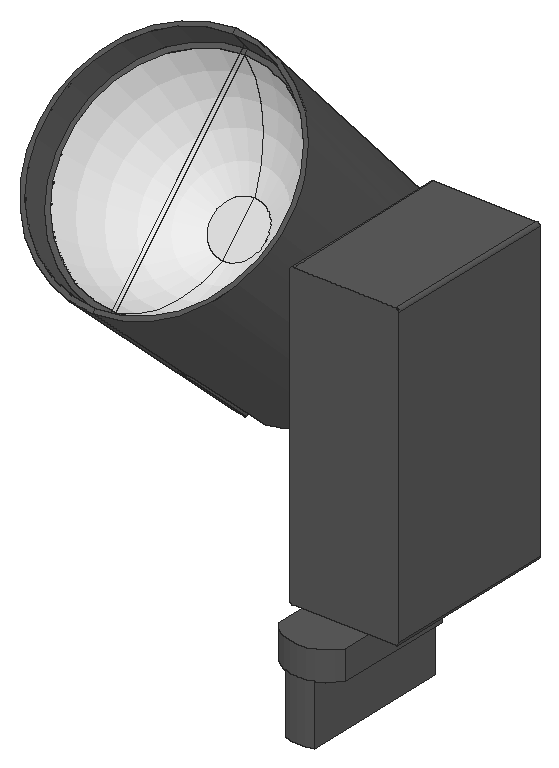
Revit family "0004842 Feilo Sylvania Lighting Fixture START TRACK SPOT L 35W 3K RA80 MB BLACK", category Lighting Fixtures, host Face, Revit 2017
Family settings
  Host = Face
  Round Connector Dimension = Use Diameter
  Part Type = Normal
  OmniClass Number = 23.80.70.00
  OmniClass Title = Lighting
  Cut with Voids When Loaded = No
  Light Source = No
  Shared = No
  Room Calculation Point = No
Parameters (values of type "0004842 START TRACK SPOT L 35W 3K RA80 MB BLACK")
  Weight = "1.368 kg"
  Wattage Comments = ""
  WarrantyStartDate [instance] = "n/a"
  WarrantyGuarantorParts = "n/a"
  WarrantyDurationUnit = "n/a"
  WarrantyDurationParts = "n/a"
  WarrantyDescription = "n/a"
  Voltage = 230 V
  URL = "http://www.sylvania-lighting.com"
  TypeName = "START TRACK SPOT L 35W 3K RA80 MB BLACK"
  TypeHead_FEILO = Start Track Spot Head : 0004842 START TRACK SPOT L 35W 3K RA80 MB BLACK
  TypeBox_FEILO = Start Track Spot Box : Type Large Black
  Type Image = <None>
  Type Comments = "n/a"
  VerticalRotation_FEILO [instance] = 0.00°
  SlideEndAngle_FEILO [instance] = VerticalRotation_FEILO + 180.00°  # 180.00°
  SerialNumber [instance] = "n/a"
  Material_3_FEILO = none
  PowerFactor = 0.93
  PowerConsumption = "35 W"
  NominalLength = 0 mm
  NominalHeight = 240 mm
  NominalDepth = 164 mm
  Name = "START TRACK SPOT L 35W 3K RA80 MB BLACK"
  ModelReference = Name  # "START TRACK SPOT L 35W 3K RA80 MB BLACK"
  ModelNumber = "0004842"
  Model = Name  # "START TRACK SPOT L 35W 3K RA80 MB BLACK"
  Material = "adc12 aluminium housing, polycarbonate diffuser"
  ManufacturerName = "Feilo Sylvania"
  Manufacturer = "Feilo Sylvania"
  LuminousEfficacy = "115 lm/W"
  LuminaireType = ""
  LightOutputRatio = "100"
  LampsType = Lamp  # "LED"
  LampNominalLuminous = "4008 lm"
  LampMacAdamStep = "3"
  LampColourTemperature = "3000 K"
  LampColourRenderingIndex = "80"
  Lamp = "LED"
  Keynote = "16500"
  InstallationDate [instance] = "n/a"
  InputVoltage = "230-240V~"
  InputNominalFrequency = "50/60 Hz"
  IngressProtection = "IP20"
  ImpactProtectionIndex = "IK02"
  IfcExportType = "IfcLightFixtureType"
  IfcExportAs = "IfcLightFixtureType"
  HorizontalRotation_FEILO [instance] = 45.00°
  ExpectedLife = 50000
  ElectricShockClassification = "Class II"
  DurationUnit = "hours"
  DocumentationLiterature = "http://www.sylvania-lighting.com/product/en-int/products/0004842"
  DimmingControlOptions = "Non dimmable"
  Material_2_FEILO = none
  Description = "Integrated LED spotlight, Textured Black - RAL9005, compact and minimalist design, ideal for retail applications, die-cast aluminium body, passive cooling heatsink. Beam angle: 38°, color temperature: 3000K , total system power: 35W, total fixture output: 4008 lm, LOR: 100%, colour rendering: Ra: 80 typical, LED Chromaticity: 3 step MacAdam ellipse, lifetime: >50000 hours at L70B50, energy class: A++, A+, A, IR/UV free light source without heat radiation, operating voltage: 220-240V / 50-60Hz, drive current: 900mA, electronic driver, non-dimmable, power factor: 0.93, electrical protection: Class II, Global Track 3 Phase adapter suitable for Global trac 3-circuit tracks, ingress protection rating: IP20, suitable for internal environment only, horizontal rotation: 355°, vertical tilt: 90°, dimensions: Ø113x164x240, weight: 1.368kg."
  Default Elevation = 1219.2 mm
  CreatedOn = "12/12/2017"
  CreatedBy = ""
  Cost = 0
  built-in parameter 1114216 [instance] = (empty or 0)
  ClassificationValue = "EF_70_80"
  ClassificationName = "Uniclass2015"
  Material_1_FEILO = Body-Sylvania-StartTrackSpot-Black
  BarCode [instance] = "n/a"
  AssetType = "Fixed"
  AssetIdentifier [instance] = "n/a"
  Assembly Code = "D5020200"
  Apparent Load = 35 VA
  Material_4_FEILO = none
Reference planes
  plane 1 "Center (Front/Back)": y = 0
  plane 2: z = 0
  plane 3 "Center (Left/Right)": x = 0
  plane 4: x = 15
  plane 5: x = -15
  plane 6: y = 35
  plane 7: y = -35
  plane 8: z = 13
  plane 9: z = -27
  plane 10: x = 6.5
  plane 11: x = -6.5
  plane 12: y = 27
  plane 13: y = -27
  plane 14: y = 20
Forms (mm)
  Extrusion 1, solid, material "Body-Sylvania-StartTrackSpot-Black" <- "Material_1_FEILO"
    sketch origin (0, 0, 0) x (1, 0, 0) y (0, 1, 0)
      loop
        line (-15, 27) -> (-15, -27)
        arc (-15, -27) -> (0, -35) -> (15, -27) r 18.062
        line (15, -27) -> (15, 27)
        arc (15, 27) -> (0, 35) -> (-15, 27) r 18.062
    from 0 to 13
  Extrusion 2, solid, material "Body-Sylvania-StartTrackSpot-Black" <- "Material_1_FEILO"
    sketch origin (0, 0, 0) x (1, 0, 0) y (0, 1, 0)
      loop
        arc (6.5, 33.79) -> (0, 35) -> (-6.5, 33.79) r 18.062
        line (-6.5, 33.79) -> (-6.5, -33.79)
        arc (-6.5, -33.79) -> (0, -35) -> (6.5, -33.79) r 18.062
        line (6.5, -33.79) -> (6.5, 33.79)
    from 0 to -27
  Revolve 3, solid, not visible
    sketch origin (1524, 20, 1219.2) x (1, 0, 0) y (0, 0, 1)
      loop
        line (-1524, -1206.2) -> (-1524, -1191.285) -> (-1530.5, -1191.285) -> (-1530.5, -1206.2) -> (-1524, -1206.2)
      axis (-1524, -1191.285) -> (-1524, -1206.2)
    angle from 0 <- "VerticalRotation_FEILO" to 180 <- "SlideEndAngle_FEILO"
Cuts and joins
  joined: Extrusion 1, Extrusion 2
Dimensions and locks
  equal spacing: plane 10, plane 3 "Center (Left/Right)", plane 11
  equal spacing: plane 4, plane 3 "Center (Left/Right)", plane 5
  locked: plane 8 to plane 2 at 13
  locked: plane 8 to plane 9 at 40
  equal spacing: plane 13, plane 1 "Center (Front/Back)", plane 12
  locked: plane 12 to plane 6 at 8
  locked: plane 14 to plane 6 at 15
  locked: Revolve 3 sketch curve to plane 8 at 14.915
  aligned and locked: plane 2 to host face
  aligned and locked: level to host face
  aligned and locked: plane 5 to Extrusion 1 sketch curve  (x2)
  aligned and locked: plane 12 to Extrusion 1 sketch curve
  aligned and locked: plane 13 to Extrusion 1 sketch curve
  aligned and locked: plane 4 to Extrusion 1 sketch curve
  aligned and locked: Extrusion 1 to plane 8
  aligned and locked: Extrusion 1 to level
  aligned and locked: Extrusion 2 sketch curve to Extrusion 1  (x2)
  aligned and locked: Extrusion 2 sketch curve to plane 11
  aligned and locked: plane 10 to Extrusion 2 sketch curve
  aligned and locked: plane 9 to Extrusion 2
  aligned and locked: level to Extrusion 2
  aligned and locked: Revolve 3 sketch curve to plane 3 "Center (Left/Right)"  (x2)
  aligned and locked: plane 11 to Revolve 3 sketch curve
  aligned and locked: Revolve 3 sketch curve to plane 8
Automatic sketch dimensions
  host sketch curve to host sketch curve = 2438.4 mm  (x2)
  Extrusion 1 sketch curve to plane 3 "Center (Left/Right)" = 0 mm  (x2)
  Extrusion 1 sketch curve to plane 13 = 10.062 mm
  plane 12 to Extrusion 1 sketch curve = 10.062 mm
  Revolve 3 sketch curve to plane 3 "Center (Left/Right)" = 0 mm
  plane 9 to Revolve 3 sketch curve = 582.6 mm
  Revolve 3 sketch curve to Revolve 3 sketch curve = 2581.144 mm
Nested families
  nested 1: "Start Track Spot Head" at (-75.5, 20, 133) x (0, 0.7071, 0.7071) z (0, 0.7071, -0.7071), type <- "TypeHead_FEILO", type "0004842 START TRACK SPOT L 35W 3K RA80 MB BLACK"
    with built-in parameter 1114216 (empty or 0)
  nested 2: "Start Track Spot Box" at (8.5, 20, 85) x (-1, 0, 0) z (0, -1, 0), BoxStartAngle_FEILO <- "HorizontalRotation_FEILO", type <- "TypeBox_FEILO", type "Type Large Black"
    with BoxStartAngle_FEILO 45.00°, BoxEndAngle_FEILO -135.00°
Connectors
  electrical at (0, 0, 0), driven by "Apparent Load", driven by "PowerFactor", driven by "Voltage"
    settings: index 1, voltage 230 V, apparent load 35 VA, apparent load phase1 0 VA, apparent load phase2 0 VA, apparent load phase3 0 VA, power factor 0.93, load classification "Lighting", number of poles 1, system type 30, power factor state 1, is connector primary yes, connector utility no, sub classification motor no, connector description ""
Definition of nested family "Start Track Spot Head"
  Parameters (values of type "0004811 START TRACK SPOT S 14W 3K RA80 NB WHITE")
    Wattage Comments = "n/a"
    Wattage = 14 W
    built-in parameter 1150110 = 1 (stored number, unit not read)
    URL = "http://www.feilosylvania.com"
    Type Image = (empty or 0)
    Type Comments = "n/a"
    built-in parameter 1114217 = 1 (stored number, unit not read)
    Tilt Angle = -90.00°
    built-in parameter 1150109 = 1 (stored number, unit not read)
    built-in parameter 1150134 = (empty or 0)
    built-in parameter 1150113 = 1 (stored number, unit not read)
    Photometric Web File = "0004811.ies"
    Material_3_FEILO = none
    Model = "START TRACK SPOT S 14W 3K RA80 NB WHITE"
    Manufacturer = "Feilo Sylvania"
    built-in parameter 1150105 = 123.66 (stored number, unit not read)
    Lumens = 1554 lm
    built-in parameter 1150115 = 1 (stored number, unit not read)
    built-in parameter 1150137 = (empty or 0)
    built-in parameter 1150139 = (empty or 0)
    built-in parameter 1150112 = 1 (stored number, unit not read)
    built-in parameter 1150114 = 1 (stored number, unit not read)
    Lamp = "LED"
    Keynote = "16500"
    Material_2_FEILO = none
    built-in parameter 1150132 = (empty or 0)
    built-in parameter 1150102 = (empty or 0)
    built-in parameter 1150107 = 3000 (stored number, unit not read)
    built-in parameter 1150138 = (empty or 0)
    built-in parameter 1150106 = 1.2366 (stored number, unit not read)
    HeadThickness_FEILO = if(HeadDiaOut_FEILO > 112 mm, 2 mm, 1.5 mm)  # 1.5 mm
    HeadRibOffset_FEILO = HeadHeight_FEILO / 28  # 4.179 mm
    HeadRibDepth_FEILO = HeadHeight_FEILO / 2.1  # 55.714 mm
    HeadRibCutWidth_FEILO = HeadDiaOut_FEILO / 12  # 7.167 mm
    HeadRibCutOffset_FEILO = HeadHeight_FEILO / 2.3  # 50.87 mm
    HeadReflectorRadius_FEILO = HeadDiaOut_FEILO / 1.7  # 50.588 mm
    HeadReflectorOffset_FEILO = HeadHeight_FEILO / 2.1  # 55.714 mm
    HeadLEDRadius_FEILO = HeadDiaOut_FEILO / 9  # 9.556 mm
    HeadHeight_FEILO = 117 mm
    HeadDraft_FEILO = 1 mm
    HeadDiffusorThickness_FEILO = 3 mm
    HeadDiffusorOffset_FEILO = HeadHeight_FEILO / 12.4  # 9.435 mm
    HeadDiaOut_FEILO = 86 mm
    HeadDiaIn_FEILO = HeadDiaOut_FEILO / 1.11  # 77.477 mm
    HeadAxisFromTop_FEILO = HeadHeight_FEILO / 1.687  # 69.354 mm
    Emit from Circle Diameter = HeadDiaIn_FEILO  # 77.477 mm
    Emit Shape Visible in Rendering = no
    built-in parameter 1150104 = 10.312 (stored number, unit not read)
    Dimming Lamp Color Temperature Shift = (empty or 0)
    Description = "Integrated LED spotlight, Textured White - RAL9016, compact and minimalist design, ideal for retail applications, die-cast aluminium body, passive cooling heatsink. Beam angle: 12°, color temperature: 3000K , total system power: 14W, total fixture output: 1551 lm, LOR: 100%, colour rendering: Ra: 80 typical, LED Chromaticity: 3 step MacAdam ellipse, lifetime: >50000 hours at L70B50, energy class: A++, A+, A, IR/UV free light source without heat radiation, operating voltage: 220-240V / 50-60Hz, drive current: 350mA, electronic driver, non-dimmable, power factor: 0.92, electrical protection: Class II, Global Track 3 Phase adapter suitable for Global trac 3-circuit tracks, ingress protection rating: IP20, suitable for internal environment only, horizontal rotation: 355°, vertical tilt: 90°, dimensions: Ø86x140x200, weight: 0.940kg."
    Default Elevation = 1219.2 mm
    Cost = 0
    Color Filter = 16777215
    built-in parameter 1114216 [instance] = (empty or 0)
    Material_1_FEILO = none
    built-in parameter 1114218 = 1 (stored number, unit not read)
    built-in parameter 1150133 = 10 (stored number, unit not read)
    Assembly Code = "D5020200"
    Apparent Load = 14 VA
    Material_4_FEILO = none
  Types (96, lengths in mm): name | Wattage | built-in parameter 1150134 | Photometric Web File | Model | built-in parameter 1150105 | Lumens | built-in parameter 1150107 | built-in parameter 1150106 | HeadThickness_FEILO | HeadRibOffset_FEILO | HeadRibDepth_FEILO | HeadRibCutWidth_FEILO | HeadRibCutOffset_FEILO | HeadReflectorRadius_FEILO | HeadReflectorOffset_FEILO | HeadLEDRadius_FEILO | HeadHeight_FEILO | HeadDiffusorOffset_FEILO | HeadDiaOut_FEILO | HeadDiaIn_FEILO | HeadAxisFromTop_FEILO | Emit from Circle Diameter | built-in parameter 1150104 | Description | Apparent Load
    0004906 START TRACK SPOT L 55W 4K RA90 WB BLACK | 55 W | 12 | "0004906.ies" | "START TRACK SPOT L 55W 4K RA90 WB BLACK" | 385.15 (stored number, unit not read) | 4840 lm | 4000 (stored number, unit not read) | 3.8515 (stored number, unit not read) | 2 | 4.429 | 59.048 | 9.417 | 53.913 | 66.471 | 59.048 | 12.556 | 124 | 10 | 113 | 101.802 | 73.503 | 101.802 | 8.1755 (stored number, unit not read) | "Integrated LED spotlight, Textured Black - RAL9005, compact and minimalist design, ideal for retail applications, die-cast aluminium body, passive cooling heatsink. Beam angle: 52°, color temperature: 4000K , total system power: 55W, total fixture output: 4824 lm, LOR: 100%, colour rendering: Ra: 90 typical, LED Chromaticity: 3 step MacAdam ellipse, lifetime: >50000 hours at L70B50, energy class: A++, A+, A, IR/UV free light source without heat radiation, operating voltage: 220-240V / 50-60Hz, drive current: 1400mA, electronic driver, non-dimmable, power factor: 0.96, electrical protection: Class II, Global Track 3 Phase adapter suitable for Global trac 3-circuit tracks, ingress protection rating: IP20, suitable for internal environment only, horizontal rotation: 355°, vertical tilt: 90°, dimensions: Ø113x164x240, weight: 1.398kg." | 55 VA
    0004905 START TRACK SPOT L 55W 4K RA90 MB BLACK | 55 W | 12 | "0004905.ies" | "START TRACK SPOT L 55W 4K RA90 MB BLACK" | 389.53 (stored number, unit not read) | 4895 lm | 4000 (stored number, unit not read) | 3.8953 (stored number, unit not read) | 2 | 4.429 | 59.048 | 9.417 | 53.913 | 66.471 | 59.048 | 12.556 | 124 | 10 | 113 | 101.802 | 73.503 | 101.802 | 8.2684 (stored number, unit not read) | "Integrated LED spotlight, Textured Black - RAL9005, compact and minimalist design, ideal for retail applications, die-cast aluminium body, passive cooling heatsink. Beam angle: 38°, color temperature: 4000K , total system power: 55W, total fixture output: 4897 lm, LOR: 100%, colour rendering: Ra: 90 typical, LED Chromaticity: 3 step MacAdam ellipse, lifetime: >50000 hours at L70B50, energy class: A++, A+, A, IR/UV free light source without heat radiation, operating voltage: 220-240V / 50-60Hz, drive current: 1400mA, electronic driver, non-dimmable, power factor: 0.96, electrical protection: Class II, Global Track 3 Phase adapter suitable for Global trac 3-circuit tracks, ingress protection rating: IP20, suitable for internal environment only, horizontal rotation: 355°, vertical tilt: 90°, dimensions: Ø113x164x240, weight: 1.398kg." | 55 VA
    0004904 START TRACK SPOT L 55W 4K RA90 NB BLACK | 55 W | 12 | "0004904.ies" | "START TRACK SPOT L 55W 4K RA90 NB BLACK" | 393.91 (stored number, unit not read) | 4950 lm | 4000 (stored number, unit not read) | 3.9391 (stored number, unit not read) | 2 | 4.429 | 59.048 | 9.417 | 53.913 | 66.471 | 59.048 | 12.556 | 124 | 10 | 113 | 101.802 | 73.503 | 101.802 | 8.3613 (stored number, unit not read) | "Integrated LED spotlight, Textured Black - RAL9005, compact and minimalist design, ideal for retail applications, die-cast aluminium body, passive cooling heatsink. Beam angle: 15°, color temperature: 4000K , total system power: 55W, total fixture output: 4965 lm, LOR: 100%, colour rendering: Ra: 90 typical, LED Chromaticity: 3 step MacAdam ellipse, lifetime: >50000 hours at L70B50, energy class: A++, A+, A, IR/UV free light source without heat radiation, operating voltage: 220-240V / 50-60Hz, drive current: 1400mA, electronic driver, non-dimmable, power factor: 0.96, electrical protection: Class II, Global Track 3 Phase adapter suitable for Global trac 3-circuit tracks, ingress protection rating: IP20, suitable for internal environment only, horizontal rotation: 355°, vertical tilt: 90°, dimensions: Ø113x164x240, weight: 1.398kg." | 55 VA
    0004903 START TRACK SPOT L 35W 4K RA90 WB BLACK | 35 W | 12 | "0004903.ies" | "START TRACK SPOT L 35W 4K RA90 WB BLACK" | 284.09 (stored number, unit not read) | 3570 lm | 4000 (stored number, unit not read) | 2.8409 (stored number, unit not read) | 2 | 4.429 | 59.048 | 9.417 | 53.913 | 66.471 | 59.048 | 12.556 | 124 | 10 | 113 | 101.802 | 73.503 | 101.802 | 9.4761 (stored number, unit not read) | "Integrated LED spotlight, Textured Black - RAL9005, compact and minimalist design, ideal for retail applications, die-cast aluminium body, passive cooling heatsink. Beam angle: 52°, color temperature: 4000K , total system power: 35W, total fixture output: 3562 lm, LOR: 100%, colour rendering: Ra: 90 typical, LED Chromaticity: 3 step MacAdam ellipse, lifetime: >50000 hours at L70B50, energy class: A++, A+, A, IR/UV free light source without heat radiation, operating voltage: 220-240V / 50-60Hz, drive current: 900mA, electronic driver, non-dimmable, power factor: 0.93, electrical protection: Class II, Global Track 3 Phase adapter suitable for Global trac 3-circuit tracks, ingress protection rating: IP20, suitable for internal environment only, horizontal rotation: 355°, vertical tilt: 90°, dimensions: Ø113x164x240, weight: 1.368kg." | 35 VA
    0004902 START TRACK SPOT L 35W 4K RA90 MB BLACK | 35 W | 12 | "0004902.ies" | "START TRACK SPOT L 35W 4K RA90 MB BLACK" | 286.88 (stored number, unit not read) | 3605 lm | 4000 (stored number, unit not read) | 2.8688 (stored number, unit not read) | 2 | 4.429 | 59.048 | 9.417 | 53.913 | 66.471 | 59.048 | 12.556 | 124 | 10 | 113 | 101.802 | 73.503 | 101.802 | 9.569 (stored number, unit not read) | "Integrated LED spotlight, Textured Black - RAL9005, compact and minimalist design, ideal for retail applications, die-cast aluminium body, passive cooling heatsink. Beam angle: 38°, color temperature: 4000K , total system power: 35W, total fixture output: 3616 lm, LOR: 100%, colour rendering: Ra: 90 typical, LED Chromaticity: 3 step MacAdam ellipse, lifetime: >50000 hours at L70B50, energy class: A++, A+, A, IR/UV free light source without heat radiation, operating voltage: 220-240V / 50-60Hz, drive current: 900mA, electronic driver, non-dimmable, power factor: 0.93, electrical protection: Class II, Global Track 3 Phase adapter suitable for Global trac 3-circuit tracks, ingress protection rating: IP20, suitable for internal environment only, horizontal rotation: 355°, vertical tilt: 90°, dimensions: Ø113x164x240, weight: 1.368kg." | 35 VA
    0004901 START TRACK SPOT L 35W 4K RA90 NB BLACK | 35 W | 12 | "0004901.ies" | "START TRACK SPOT L 35W 4K RA90 NB BLACK" | 286.88 (stored number, unit not read) | 3605 lm | 4000 (stored number, unit not read) | 2.8688 (stored number, unit not read) | 2 | 4.429 | 59.048 | 9.417 | 53.913 | 66.471 | 59.048 | 12.556 | 124 | 10 | 113 | 101.802 | 73.503 | 101.802 | 9.569 (stored number, unit not read) | "Integrated LED spotlight, Textured Black - RAL9005, compact and minimalist design, ideal for retail applications, die-cast aluminium body, passive cooling heatsink. Beam angle: 15°, color temperature: 4000K , total system power: 35W, total fixture output: 3593 lm, LOR: 100%, colour rendering: Ra: 90 typical, LED Chromaticity: 3 step MacAdam ellipse, lifetime: >50000 hours at L70B50, energy class: A++, A+, A, IR/UV free light source without heat radiation, operating voltage: 220-240V / 50-60Hz, drive current: 900mA, electronic driver, non-dimmable, power factor: 0.93, electrical protection: Class II, Global Track 3 Phase adapter suitable for Global trac 3-circuit tracks, ingress protection rating: IP20, suitable for internal environment only, horizontal rotation: 355°, vertical tilt: 90°, dimensions: Ø113x164x240, weight: 1.368kg." | 35 VA
    0004900 START TRACK SPOT S 24W 4K RA90 WB BLACK | 24 W | 12 | "0004900.ies" | "START TRACK SPOT S 24W 4K RA90 WB BLACK" | 166.16 (stored number, unit not read) | 2088 lm | 4000 (stored number, unit not read) | 1.6616 (stored number, unit not read) | 1.5 | 4.179 | 55.714 | 7.167 | 50.87 | 50.588 | 55.714 | 9.556 | 117 | 9.435 | 86 | 77.477 | 69.354 | 77.477 | 8.0826 (stored number, unit not read) | "Integrated LED spotlight, Textured Black - RAL9005, compact and minimalist design, ideal for retail applications, die-cast aluminium body, passive cooling heatsink. Beam angle: 64°, color temperature: 4000K , total system power: 24W, total fixture output: 2087 lm, LOR: 100%, colour rendering: Ra: 90 typical, LED Chromaticity: 3 step MacAdam ellipse, lifetime: >50000 hours at L70B50, energy class: A++, A+, A, IR/UV free light source without heat radiation, operating voltage: 220-240V / 50-60Hz, drive current: 600mA, electronic driver, non-dimmable, power factor: 0.95, electrical protection: Class II, Global Track 3 Phase adapter suitable for Global trac 3-circuit tracks, ingress protection rating: IP20, suitable for internal environment only, horizontal rotation: 355°, vertical tilt: 90°, dimensions: Ø86x140x200, weight: 0.966kg." | 24 VA
    0004899 START TRACK SPOT S 24W 4K RA90 MB BLACK | 24 W | 12 | "0004899.ies" | "START TRACK SPOT S 24W 4K RA90 MB BLACK" | 169.98 (stored number, unit not read) | 2136 lm | 4000 (stored number, unit not read) | 1.6998 (stored number, unit not read) | 1.5 | 4.179 | 55.714 | 7.167 | 50.87 | 50.588 | 55.714 | 9.556 | 117 | 9.435 | 86 | 77.477 | 69.354 | 77.477 | 8.2684 (stored number, unit not read) | "Integrated LED spotlight, Textured Black - RAL9005, compact and minimalist design, ideal for retail applications, die-cast aluminium body, passive cooling heatsink. Beam angle: 36°, color temperature: 4000K , total system power: 24W, total fixture output: 2141 lm, LOR: 100%, colour rendering: Ra: 90 typical, LED Chromaticity: 3 step MacAdam ellipse, lifetime: >50000 hours at L70B50, energy class: A++, A+, A, IR/UV free light source without heat radiation, operating voltage: 220-240V / 50-60Hz, drive current: 600mA, electronic driver, non-dimmable, power factor: 0.95, electrical protection: Class II, Global Track 3 Phase adapter suitable for Global trac 3-circuit tracks, ingress protection rating: IP20, suitable for internal environment only, horizontal rotation: 355°, vertical tilt: 90°, dimensions: Ø86x140x200, weight: 0.966kg." | 24 VA
    0004898 START TRACK SPOT S 24W 4K RA90 NB BLACK | 24 W | 12 | "0004898.ies" | "START TRACK SPOT S 24W 4K RA90 NB BLACK" | 171.89 (stored number, unit not read) | 2160 lm | 4000 (stored number, unit not read) | 1.7189 (stored number, unit not read) | 1.5 | 4.179 | 55.714 | 7.167 | 50.87 | 50.588 | 55.714 | 9.556 | 117 | 9.435 | 86 | 77.477 | 69.354 | 77.477 | 8.3613 (stored number, unit not read) | "Integrated LED spotlight, Textured Black - RAL9005, compact and minimalist design, ideal for retail applications, die-cast aluminium body, passive cooling heatsink. Beam angle: 12°, color temperature: 4000K , total system power: 24W, total fixture output: 2155 lm, LOR: 100%, colour rendering: Ra: 90 typical, LED Chromaticity: 3 step MacAdam ellipse, lifetime: >50000 hours at L70B50, energy class: A++, A+, A, IR/UV free light source without heat radiation, operating voltage: 220-240V / 50-60Hz, drive current: 600mA, electronic driver, non-dimmable, power factor: 0.95, electrical protection: Class II, Global Track 3 Phase adapter suitable for Global trac 3-circuit tracks, ingress protection rating: IP20, suitable for internal environment only, horizontal rotation: 355°, vertical tilt: 90°, dimensions: Ø86x140x200, weight: 0.966kg." | 24 VA
    0004897 START TRACK SPOT S 14W 4K RA90 WB BLACK | 14 W | 12 | "0004897.ies" | "START TRACK SPOT S 14W 4K RA90 WB BLACK" | 108.07 (stored number, unit not read) | 1358 lm | 4000 (stored number, unit not read) | 1.0807 (stored number, unit not read) | 1.5 | 4.179 | 55.714 | 7.167 | 50.87 | 50.588 | 55.714 | 9.556 | 117 | 9.435 | 86 | 77.477 | 69.354 | 77.477 | 9.0116 (stored number, unit not read) | "Integrated LED spotlight, Textured Black - RAL9005, compact and minimalist design, ideal for retail applications, die-cast aluminium body, passive cooling heatsink. Beam angle: 64°, color temperature: 4000K , total system power: 14W, total fixture output: 1352 lm, LOR: 100%, colour rendering: Ra: 90 typical, LED Chromaticity: 3 step MacAdam ellipse, lifetime: >50000 hours at L70B50, energy class: A++, A+, A, IR/UV free light source without heat radiation, operating voltage: 220-240V / 50-60Hz, drive current: 350mA, electronic driver, non-dimmable, power factor: 0.92, electrical protection: Class II, Global Track 3 Phase adapter suitable for Global trac 3-circuit tracks, ingress protection rating: IP20, suitable for internal environment only, horizontal rotation: 355°, vertical tilt: 90°, dimensions: Ø86x140x200, weight: 0.940kg." | 14 VA
    0004896 START TRACK SPOT S 14W 4K RA90 MB BLACK | 14 W | 12 | "0004896.ies" | "START TRACK SPOT S 14W 4K RA90 MB BLACK" | 108.07 (stored number, unit not read) | 1358 lm | 4000 (stored number, unit not read) | 1.0807 (stored number, unit not read) | 1.5 | 4.179 | 55.714 | 7.167 | 50.87 | 50.588 | 55.714 | 9.556 | 117 | 9.435 | 86 | 77.477 | 69.354 | 77.477 | 9.0116 (stored number, unit not read) | "Integrated LED spotlight, Textured Black - RAL9005, compact and minimalist design, ideal for retail applications, die-cast aluminium body, passive cooling heatsink. Beam angle: 36°, color temperature: 4000K , total system power: 14W, total fixture output: 1359 lm, LOR: 100%, colour rendering: Ra: 90 typical, LED Chromaticity: 3 step MacAdam ellipse, lifetime: >50000 hours at L70B50, energy class: A++, A+, A, IR/UV free light source without heat radiation, operating voltage: 220-240V / 50-60Hz, drive current: 350mA, electronic driver, non-dimmable, power factor: 0.92, electrical protection: Class II, Global Track 3 Phase adapter suitable for Global trac 3-circuit tracks, ingress protection rating: IP20, suitable for internal environment only, horizontal rotation: 355°, vertical tilt: 90°, dimensions: Ø86x140x200, weight: 0.940kg." | 14 VA
    0004895 START TRACK SPOT S 14W 4K RA90 NB BLACK | 14 W | 12 | "0004895.ies" | "START TRACK SPOT S 14W 4K RA90 NB BLACK" | 106.95 (stored number, unit not read) | 1344 lm | 4000 (stored number, unit not read) | 1.0695 (stored number, unit not read) | 1.5 | 4.179 | 55.714 | 7.167 | 50.87 | 50.588 | 55.714 | 9.556 | 117 | 9.435 | 86 | 77.477 | 69.354 | 77.477 | 8.9187 (stored number, unit not read) | "Integrated LED spotlight, Textured Black - RAL9005, compact and minimalist design, ideal for retail applications, die-cast aluminium body, passive cooling heatsink. Beam angle: 12°, color temperature: 4000K , total system power: 14W, total fixture output: 1349 lm, LOR: 100%, colour rendering: Ra: 90 typical, LED Chromaticity: 3 step MacAdam ellipse, lifetime: >50000 hours at L70B50, energy class: A++, A+, A, IR/UV free light source without heat radiation, operating voltage: 220-240V / 50-60Hz, drive current: 350mA, electronic driver, non-dimmable, power factor: 0.92, electrical protection: Class II, Global Track 3 Phase adapter suitable for Global trac 3-circuit tracks, ingress protection rating: IP20, suitable for internal environment only, horizontal rotation: 355°, vertical tilt: 90°, dimensions: Ø86x140x200, weight: 0.940kg." | 14 VA
    0004894 START TRACK SPOT L 55W 3K RA90 WB BLACK | 55 W | (empty or 0) | "0004894.ies" | "START TRACK SPOT L 55W 3K RA90 WB BLACK" | 350.14 (stored number, unit not read) | 4400 lm | 3000 (stored number, unit not read) | 3.5014 (stored number, unit not read) | 2 | 4.429 | 59.048 | 9.417 | 53.913 | 66.471 | 59.048 | 12.556 | 124 | 10 | 113 | 101.802 | 73.503 | 101.802 | 7.4322 (stored number, unit not read) | "Integrated LED spotlight, Textured Black - RAL9005, compact and minimalist design, ideal for retail applications, die-cast aluminium body, passive cooling heatsink. Beam angle: 52°, color temperature: 3000K , total system power: 55W, total fixture output: 4405 lm, LOR: 100%, colour rendering: Ra: 90 typical, LED Chromaticity: 3 step MacAdam ellipse, lifetime: >50000 hours at L70B50, energy class: A++, A+, A, IR/UV free light source without heat radiation, operating voltage: 220-240V / 50-60Hz, drive current: 1400mA, electronic driver, non-dimmable, power factor: 0.96, electrical protection: Class II, Global Track 3 Phase adapter suitable for Global trac 3-circuit tracks, ingress protection rating: IP20, suitable for internal environment only, horizontal rotation: 355°, vertical tilt: 90°, dimensions: Ø113x164x240, weight: 1.398kg." | 55 VA
    0004893 START TRACK SPOT L 55W 3K RA90 MB BLACK | 55 W | (empty or 0) | "0004893.ies" | "START TRACK SPOT L 55W 3K RA90 MB BLACK" | 354.52 (stored number, unit not read) | 4455 lm | 3000 (stored number, unit not read) | 3.5452 (stored number, unit not read) | 2 | 4.429 | 59.048 | 9.417 | 53.913 | 66.471 | 59.048 | 12.556 | 124 | 10 | 113 | 101.802 | 73.503 | 101.802 | 7.5251 (stored number, unit not read) | "Integrated LED spotlight, Textured Black - RAL9005, compact and minimalist design, ideal for retail applications, die-cast aluminium body, passive cooling heatsink. Beam angle: 38°, color temperature: 3000K , total system power: 55W, total fixture output: 4448 lm, LOR: 100%, colour rendering: Ra: 90 typical, LED Chromaticity: 3 step MacAdam ellipse, lifetime: >50000 hours at L70B50, energy class: A++, A+, A, IR/UV free light source without heat radiation, operating voltage: 220-240V / 50-60Hz, drive current: 1400mA, electronic driver, non-dimmable, power factor: 0.96, electrical protection: Class II, Global Track 3 Phase adapter suitable for Global trac 3-circuit tracks, ingress protection rating: IP20, suitable for internal environment only, horizontal rotation: 355°, vertical tilt: 90°, dimensions: Ø113x164x240, weight: 1.398kg." | 55 VA
    0004892 START TRACK SPOT L 55W 3K RA90 NB BLACK | 55 W | (empty or 0) | "0004892.ies" | "START TRACK SPOT L 55W 3K RA90 NB BLACK" | 350.14 (stored number, unit not read) | 4400 lm | 3000 (stored number, unit not read) | 3.5014 (stored number, unit not read) | 2 | 4.429 | 59.048 | 9.417 | 53.913 | 66.471 | 59.048 | 12.556 | 124 | 10 | 113 | 101.802 | 73.503 | 101.802 | 7.4322 (stored number, unit not read) | "Integrated LED spotlight, Textured Black - RAL9005, compact and minimalist design, ideal for retail applications, die-cast aluminium body, passive cooling heatsink. Beam angle: 15°, color temperature: 3000K , total system power: 55W, total fixture output: 4416 lm, LOR: 100%, colour rendering: Ra: 90 typical, LED Chromaticity: 3 step MacAdam ellipse, lifetime: >50000 hours at L70B50, energy class: A++, A+, A, IR/UV free light source without heat radiation, operating voltage: 220-240V / 50-60Hz, drive current: 1400mA, electronic driver, non-dimmable, power factor: 0.96, electrical protection: Class II, Global Track 3 Phase adapter suitable for Global trac 3-circuit tracks, ingress protection rating: IP20, suitable for internal environment only, horizontal rotation: 355°, vertical tilt: 90°, dimensions: Ø113x164x240, weight: 1.398kg." | 55 VA
    0004891 START TRACK SPOT L 35W 3K RA90 WB BLACK | 35 W | (empty or 0) | "0004891.ies" | "START TRACK SPOT L 35W 3K RA90 WB BLACK" | 259.02 (stored number, unit not read) | 3255 lm | 3000 (stored number, unit not read) | 2.5902 (stored number, unit not read) | 2 | 4.429 | 59.048 | 9.417 | 53.913 | 66.471 | 59.048 | 12.556 | 124 | 10 | 113 | 101.802 | 73.503 | 101.802 | 8.64 (stored number, unit not read) | "Integrated LED spotlight, Textured Black - RAL9005, compact and minimalist design, ideal for retail applications, die-cast aluminium body, passive cooling heatsink. Beam angle: 52°, color temperature: 3000K , total system power: 35W, total fixture output: 3260 lm, LOR: 100%, colour rendering: Ra: 90 typical, LED Chromaticity: 3 step MacAdam ellipse, lifetime: >50000 hours at L70B50, energy class: A++, A+, A, IR/UV free light source without heat radiation, operating voltage: 220-240V / 50-60Hz, drive current: 900mA, electronic driver, non-dimmable, power factor: 0.93, electrical protection: Class II, Global Track 3 Phase adapter suitable for Global trac 3-circuit tracks, ingress protection rating: IP20, suitable for internal environment only, horizontal rotation: 355°, vertical tilt: 90°, dimensions: Ø113x164x240, weight: 1.368kg." | 35 VA
    0004890 START TRACK SPOT L 35W 3K RA90 MB BLACK | 35 W | (empty or 0) | "0004890.ies" | "START TRACK SPOT L 35W 3K RA90 MB BLACK" | 261.81 (stored number, unit not read) | 3290 lm | 3000 (stored number, unit not read) | 2.6181 (stored number, unit not read) | 2 | 4.429 | 59.048 | 9.417 | 53.913 | 66.471 | 59.048 | 12.556 | 124 | 10 | 113 | 101.802 | 73.503 | 101.802 | 8.7329 (stored number, unit not read) | "Integrated LED spotlight, Textured Black - RAL9005, compact and minimalist design, ideal for retail applications, die-cast aluminium body, passive cooling heatsink. Beam angle: 38°, color temperature: 3000K , total system power: 35W, total fixture output: 3306 lm, LOR: 100%, colour rendering: Ra: 90 typical, LED Chromaticity: 3 step MacAdam ellipse, lifetime: >50000 hours at L70B50, energy class: A++, A+, A, IR/UV free light source without heat radiation, operating voltage: 220-240V / 50-60Hz, drive current: 900mA, electronic driver, non-dimmable, power factor: 0.93, electrical protection: Class II, Global Track 3 Phase adapter suitable for Global trac 3-circuit tracks, ingress protection rating: IP20, suitable for internal environment only, horizontal rotation: 355°, vertical tilt: 90°, dimensions: Ø113x164x240, weight: 1.368kg." | 35 VA
    0004889 START TRACK SPOT L 35W 3K RA90 NB BLACK | 35 W | (empty or 0) | "0004889.ies" | "START TRACK SPOT L 35W 3K RA90 NB BLACK" | 261.81 (stored number, unit not read) | 3290 lm | 3000 (stored number, unit not read) | 2.6181 (stored number, unit not read) | 2 | 4.429 | 59.048 | 9.417 | 53.913 | 66.471 | 59.048 | 12.556 | 124 | 10 | 113 | 101.802 | 73.503 | 101.802 | 8.7329 (stored number, unit not read) | "Integrated LED spotlight, Textured Black - RAL9005, compact and minimalist design, ideal for retail applications, die-cast aluminium body, passive cooling heatsink. Beam angle: 15°, color temperature: 3000K , total system power: 35W, total fixture output: 3287 lm, LOR: 100%, colour rendering: Ra: 90 typical, LED Chromaticity: 3 step MacAdam ellipse, lifetime: >50000 hours at L70B50, energy class: A++, A+, A, IR/UV free light source without heat radiation, operating voltage: 220-240V / 50-60Hz, drive current: 900mA, electronic driver, non-dimmable, power factor: 0.93, electrical protection: Class II, Global Track 3 Phase adapter suitable for Global trac 3-circuit tracks, ingress protection rating: IP20, suitable for internal environment only, horizontal rotation: 355°, vertical tilt: 90°, dimensions: Ø113x164x240, weight: 1.368kg." | 35 VA
    0004888 START TRACK SPOT S 24W 3K RA90 WB BLACK | 24 W | (empty or 0) | "0004888.ies" | "START TRACK SPOT S 24W 3K RA90 WB BLACK" | 152.79 (stored number, unit not read) | 1920 lm | 3000 (stored number, unit not read) | 1.5279 (stored number, unit not read) | 1.5 | 4.179 | 55.714 | 7.167 | 50.87 | 50.588 | 55.714 | 9.556 | 117 | 9.435 | 86 | 77.477 | 69.354 | 77.477 | 7.4322 (stored number, unit not read) | "Integrated LED spotlight, Textured Black - RAL9005, compact and minimalist design, ideal for retail applications, die-cast aluminium body, passive cooling heatsink. Beam angle: 64°, color temperature: 3000K , total system power: 24W, total fixture output: 1928 lm, LOR: 100%, colour rendering: Ra: 90 typical, LED Chromaticity: 3 step MacAdam ellipse, lifetime: >50000 hours at L70B50, energy class: A++, A+, A, IR/UV free light source without heat radiation, operating voltage: 220-240V / 50-60Hz, drive current: 600mA, electronic driver, non-dimmable, power factor: 0.95, electrical protection: Class II, Global Track 3 Phase adapter suitable for Global trac 3-circuit tracks, ingress protection rating: IP20, suitable for internal environment only, horizontal rotation: 355°, vertical tilt: 90°, dimensions: Ø86x140x200, weight: 0.966kg." | 24 VA
    0004887 START TRACK SPOT S 24W 3K RA90 MB BLACK | 24 W | (empty or 0) | "0004887.ies" | "START TRACK SPOT S 24W 3K RA90 MB BLACK" | 154.7 (stored number, unit not read) | 1944 lm | 3000 (stored number, unit not read) | 1.547 (stored number, unit not read) | 1.5 | 4.179 | 55.714 | 7.167 | 50.87 | 50.588 | 55.714 | 9.556 | 117 | 9.435 | 86 | 77.477 | 69.354 | 77.477 | 7.5251 (stored number, unit not read) | "Integrated LED spotlight, Textured Black - RAL9005, compact and minimalist design, ideal for retail applications, die-cast aluminium body, passive cooling heatsink. Beam angle: 36°, color temperature: 3000K , total system power: 24W, total fixture output: 1944 lm, LOR: 100%, colour rendering: Ra: 90 typical, LED Chromaticity: 3 step MacAdam ellipse, lifetime: >50000 hours at L70B50, energy class: A++, A+, A, IR/UV free light source without heat radiation, operating voltage: 220-240V / 50-60Hz, drive current: 600mA, electronic driver, non-dimmable, power factor: 0.95, electrical protection: Class II, Global Track 3 Phase adapter suitable for Global trac 3-circuit tracks, ingress protection rating: IP20, suitable for internal environment only, horizontal rotation: 355°, vertical tilt: 90°, dimensions: Ø86x140x200, weight: 0.966kg." | 24 VA
    0004886 START TRACK SPOT S 24W 3K RA90 NB BLACK | 24 W | (empty or 0) | "0004886.ies" | "START TRACK SPOT S 24W 3K RA90 NB BLACK" | 158.52 (stored number, unit not read) | 1992 lm | 3000 (stored number, unit not read) | 1.5852 (stored number, unit not read) | 1.5 | 4.179 | 55.714 | 7.167 | 50.87 | 50.588 | 55.714 | 9.556 | 117 | 9.435 | 86 | 77.477 | 69.354 | 77.477 | 7.711 (stored number, unit not read) | "Integrated LED spotlight, Textured Black - RAL9005, compact and minimalist design, ideal for retail applications, die-cast aluminium body, passive cooling heatsink. Beam angle: 12°, color temperature: 3000K , total system power: 24W, total fixture output: 1987 lm, LOR: 100%, colour rendering: Ra: 90 typical, LED Chromaticity: 3 step MacAdam ellipse, lifetime: >50000 hours at L70B50, energy class: A++, A+, A, IR/UV free light source without heat radiation, operating voltage: 220-240V / 50-60Hz, drive current: 600mA, electronic driver, non-dimmable, power factor: 0.95, electrical protection: Class II, Global Track 3 Phase adapter suitable for Global trac 3-circuit tracks, ingress protection rating: IP20, suitable for internal environment only, horizontal rotation: 355°, vertical tilt: 90°, dimensions: Ø86x140x200, weight: 0.966kg." | 24 VA
    0004885 START TRACK SPOT S 14W 3K RA90 WB BLACK | 14 W | (empty or 0) | "0004885.ies" | "START TRACK SPOT S 14W 3K RA90 WB BLACK" | 100.27 (stored number, unit not read) | 1260 lm | 3000 (stored number, unit not read) | 1.0027 (stored number, unit not read) | 1.5 | 4.179 | 55.714 | 7.167 | 50.87 | 50.588 | 55.714 | 9.556 | 117 | 9.435 | 86 | 77.477 | 69.354 | 77.477 | 8.3613 (stored number, unit not read) | "Integrated LED spotlight, Textured Black - RAL9005, compact and minimalist design, ideal for retail applications, die-cast aluminium body, passive cooling heatsink. Beam angle: 64°, color temperature: 3000K , total system power: 14W, total fixture output: 1262 lm, LOR: 100%, colour rendering: Ra: 90 typical, LED Chromaticity: 3 step MacAdam ellipse, lifetime: >50000 hours at L70B50, energy class: A++, A+, A, IR/UV free light source without heat radiation, operating voltage: 220-240V / 50-60Hz, drive current: 350mA, electronic driver, non-dimmable, power factor: 0.92, electrical protection: Class II, Global Track 3 Phase adapter suitable for Global trac 3-circuit tracks, ingress protection rating: IP20, suitable for internal environment only, horizontal rotation: 355°, vertical tilt: 90°, dimensions: Ø86x140x200, weight: 0.940kg." | 14 VA
    0004884 START TRACK SPOT S 14W 3K RA90 MB BLACK | 14 W | (empty or 0) | "0004884.ies" | "START TRACK SPOT S 14W 3K RA90 MB BLACK" | 100.27 (stored number, unit not read) | 1260 lm | 3000 (stored number, unit not read) | 1.0027 (stored number, unit not read) | 1.5 | 4.179 | 55.714 | 7.167 | 50.87 | 50.588 | 55.714 | 9.556 | 117 | 9.435 | 86 | 77.477 | 69.354 | 77.477 | 8.3613 (stored number, unit not read) | "Integrated LED spotlight, Textured Black - RAL9005, compact and minimalist design, ideal for retail applications, die-cast aluminium body, passive cooling heatsink. Beam angle: 36°, color temperature: 3000K , total system power: 14W, total fixture output: 1262 lm, LOR: 100%, colour rendering: Ra: 90 typical, LED Chromaticity: 3 step MacAdam ellipse, lifetime: >50000 hours at L70B50, energy class: A++, A+, A, IR/UV free light source without heat radiation, operating voltage: 220-240V / 50-60Hz, drive current: 350mA, electronic driver, non-dimmable, power factor: 0.92, electrical protection: Class II, Global Track 3 Phase adapter suitable for Global trac 3-circuit tracks, ingress protection rating: IP20, suitable for internal environment only, horizontal rotation: 355°, vertical tilt: 90°, dimensions: Ø86x140x200, weight: 0.940kg." | 14 VA
    0004883 START TRACK SPOT S 14W 3K RA90 NB BLACK | 14 W | (empty or 0) | "0004883.ies" | "START TRACK SPOT S 14W 3K RA90 NB BLACK" | 102.5 (stored number, unit not read) | 1288 lm | 3000 (stored number, unit not read) | 1.025 (stored number, unit not read) | 1.5 | 4.179 | 55.714 | 7.167 | 50.87 | 50.588 | 55.714 | 9.556 | 117 | 9.435 | 86 | 77.477 | 69.354 | 77.477 | 8.5471 (stored number, unit not read) | "Integrated LED spotlight, Textured Black - RAL9005, compact and minimalist design, ideal for retail applications, die-cast aluminium body, passive cooling heatsink. Beam angle: 12°, color temperature: 3000K , total system power: 14W, total fixture output: 1284 lm, LOR: 100%, colour rendering: Ra: 90 typical, LED Chromaticity: 3 step MacAdam ellipse, lifetime: >50000 hours at L70B50, energy class: A++, A+, A, IR/UV free light source without heat radiation, operating voltage: 220-240V / 50-60Hz, drive current: 350mA, electronic driver, non-dimmable, power factor: 0.92, electrical protection: Class II, Global Track 3 Phase adapter suitable for Global trac 3-circuit tracks, ingress protection rating: IP20, suitable for internal environment only, horizontal rotation: 355°, vertical tilt: 90°, dimensions: Ø86x140x200, weight: 0.940kg." | 14 VA
    0004882 START TRACK SPOT L 55W 4K RA90 WB WHITE | 55 W | 12 | "0004882.ies" | "START TRACK SPOT L 55W 4K RA90 WB WHITE" | 385.15 (stored number, unit not read) | 4840 lm | 4000 (stored number, unit not read) | 3.8515 (stored number, unit not read) | 2 | 4.429 | 59.048 | 9.417 | 53.913 | 66.471 | 59.048 | 12.556 | 124 | 10 | 113 | 101.802 | 73.503 | 101.802 | 8.1755 (stored number, unit not read) | "Integrated LED spotlight, Textured White - RAL9016, compact and minimalist design, ideal for retail applications, die-cast aluminium body, passive cooling heatsink. Beam angle: 52°, color temperature: 4000K , total system power: 55W, total fixture output: 4824 lm, LOR: 100%, colour rendering: Ra: 90 typical, LED Chromaticity: 3 step MacAdam ellipse, lifetime: >50000 hours at L70B50, energy class: A++, A+, A, IR/UV free light source without heat radiation, operating voltage: 220-240V / 50-60Hz, drive current: 1400mA, electronic driver, non-dimmable, power factor: 0.96, electrical protection: Class II, Global Track 3 Phase adapter suitable for Global trac 3-circuit tracks, ingress protection rating: IP20, suitable for internal environment only, horizontal rotation: 355°, vertical tilt: 90°, dimensions: Ø113x164x240, weight: 1.398kg." | 55 VA
    0004881 START TRACK SPOT L 55W 4K RA90 MB WHITE | 55 W | 12 | "0004881.ies" | "START TRACK SPOT L 55W 4K RA90 MB WHITE" | 389.53 (stored number, unit not read) | 4895 lm | 4000 (stored number, unit not read) | 3.8953 (stored number, unit not read) | 2 | 4.429 | 59.048 | 9.417 | 53.913 | 66.471 | 59.048 | 12.556 | 124 | 10 | 113 | 101.802 | 73.503 | 101.802 | 8.2684 (stored number, unit not read) | "Integrated LED spotlight, Textured White - RAL9016, compact and minimalist design, ideal for retail applications, die-cast aluminium body, passive cooling heatsink. Beam angle: 38°, color temperature: 4000K , total system power: 55W, total fixture output: 4897 lm, LOR: 100%, colour rendering: Ra: 90 typical, LED Chromaticity: 3 step MacAdam ellipse, lifetime: >50000 hours at L70B50, energy class: A++, A+, A, IR/UV free light source without heat radiation, operating voltage: 220-240V / 50-60Hz, drive current: 1400mA, electronic driver, non-dimmable, power factor: 0.96, electrical protection: Class II, Global Track 3 Phase adapter suitable for Global trac 3-circuit tracks, ingress protection rating: IP20, suitable for internal environment only, horizontal rotation: 355°, vertical tilt: 90°, dimensions: Ø113x164x240, weight: 1.398kg." | 55 VA
    0004880 START TRACK SPOT L 55W 4K RA90 NB WHITE | 55 W | 12 | "0004880.ies" | "START TRACK SPOT L 55W 4K RA90 NB WHITE" | 393.91 (stored number, unit not read) | 4950 lm | 4000 (stored number, unit not read) | 3.9391 (stored number, unit not read) | 2 | 4.429 | 59.048 | 9.417 | 53.913 | 66.471 | 59.048 | 12.556 | 124 | 10 | 113 | 101.802 | 73.503 | 101.802 | 8.3613 (stored number, unit not read) | "Integrated LED spotlight, Textured White - RAL9016, compact and minimalist design, ideal for retail applications, die-cast aluminium body, passive cooling heatsink. Beam angle: 15°, color temperature: 4000K , total system power: 55W, total fixture output: 4965 lm, LOR: 100%, colour rendering: Ra: 90 typical, LED Chromaticity: 3 step MacAdam ellipse, lifetime: >50000 hours at L70B50, energy class: A++, A+, A, IR/UV free light source without heat radiation, operating voltage: 220-240V / 50-60Hz, drive current: 1400mA, electronic driver, non-dimmable, power factor: 0.96, electrical protection: Class II, Global Track 3 Phase adapter suitable for Global trac 3-circuit tracks, ingress protection rating: IP20, suitable for internal environment only, horizontal rotation: 355°, vertical tilt: 90°, dimensions: Ø113x164x240, weight: 1.398kg." | 55 VA
    0004879 START TRACK SPOT L 35W 4K RA90 WB WHITE | 35 W | 12 | "0004879.ies" | "START TRACK SPOT L 35W 4K RA90 WB WHITE" | 284.09 (stored number, unit not read) | 3570 lm | 4000 (stored number, unit not read) | 2.8409 (stored number, unit not read) | 2 | 4.429 | 59.048 | 9.417 | 53.913 | 66.471 | 59.048 | 12.556 | 124 | 10 | 113 | 101.802 | 73.503 | 101.802 | 9.4761 (stored number, unit not read) | "Integrated LED spotlight, Textured White - RAL9016, compact and minimalist design, ideal for retail applications, die-cast aluminium body, passive cooling heatsink. Beam angle: 52°, color temperature: 4000K , total system power: 35W, total fixture output: 3562 lm, LOR: 100%, colour rendering: Ra: 90 typical, LED Chromaticity: 3 step MacAdam ellipse, lifetime: >50000 hours at L70B50, energy class: A++, A+, A, IR/UV free light source without heat radiation, operating voltage: 220-240V / 50-60Hz, drive current: 900mA, electronic driver, non-dimmable, power factor: 0.93, electrical protection: Class II, Global Track 3 Phase adapter suitable for Global trac 3-circuit tracks, ingress protection rating: IP20, suitable for internal environment only, horizontal rotation: 355°, vertical tilt: 90°, dimensions: Ø113x164x240, weight: 1.368kg." | 35 VA
    0004878 START TRACK SPOT L 35W 4K RA90 MB WHITE | 35 W | 12 | "0004878.ies" | "START TRACK SPOT L 35W 4K RA90 MB WHITE" | 286.88 (stored number, unit not read) | 3605 lm | 4000 (stored number, unit not read) | 2.8688 (stored number, unit not read) | 2 | 4.429 | 59.048 | 9.417 | 53.913 | 66.471 | 59.048 | 12.556 | 124 | 10 | 113 | 101.802 | 73.503 | 101.802 | 9.569 (stored number, unit not read) | "Integrated LED spotlight, Textured White - RAL9016, compact and minimalist design, ideal for retail applications, die-cast aluminium body, passive cooling heatsink. Beam angle: 38°, color temperature: 4000K , total system power: 35W, total fixture output: 3616 lm, LOR: 100%, colour rendering: Ra: 90 typical, LED Chromaticity: 3 step MacAdam ellipse, lifetime: >50000 hours at L70B50, energy class: A++, A+, A, IR/UV free light source without heat radiation, operating voltage: 220-240V / 50-60Hz, drive current: 900mA, electronic driver, non-dimmable, power factor: 0.93, electrical protection: Class II, Global Track 3 Phase adapter suitable for Global trac 3-circuit tracks, ingress protection rating: IP20, suitable for internal environment only, horizontal rotation: 355°, vertical tilt: 90°, dimensions: Ø113x164x240, weight: 1.368kg." | 35 VA
    0004877 START TRACK SPOT L 35W 4K RA90 NB WHITE | 35 W | 12 | "0004877.ies" | "START TRACK SPOT L 35W 4K RA90 NB WHITE" | 286.88 (stored number, unit not read) | 3605 lm | 4000 (stored number, unit not read) | 2.8688 (stored number, unit not read) | 2 | 4.429 | 59.048 | 9.417 | 53.913 | 66.471 | 59.048 | 12.556 | 124 | 10 | 113 | 101.802 | 73.503 | 101.802 | 9.569 (stored number, unit not read) | "Integrated LED spotlight, Textured White - RAL9016, compact and minimalist design, ideal for retail applications, die-cast aluminium body, passive cooling heatsink. Beam angle: 15°, color temperature: 4000K , total system power: 35W, total fixture output: 3593 lm, LOR: 100%, colour rendering: Ra: 90 typical, LED Chromaticity: 3 step MacAdam ellipse, lifetime: >50000 hours at L70B50, energy class: A++, A+, A, IR/UV free light source without heat radiation, operating voltage: 220-240V / 50-60Hz, drive current: 900mA, electronic driver, non-dimmable, power factor: 0.93, electrical protection: Class II, Global Track 3 Phase adapter suitable for Global trac 3-circuit tracks, ingress protection rating: IP20, suitable for internal environment only, horizontal rotation: 355°, vertical tilt: 90°, dimensions: Ø113x164x240, weight: 1.368kg." | 35 VA
    0004876 START TRACK SPOT S 24W 4K RA90 WB WHITE | 24 W | 12 | "0004876.ies" | "START TRACK SPOT S 24W 4K RA90 WB WHITE" | 166.16 (stored number, unit not read) | 2088 lm | 4000 (stored number, unit not read) | 1.6616 (stored number, unit not read) | 1.5 | 4.179 | 55.714 | 7.167 | 50.87 | 50.588 | 55.714 | 9.556 | 117 | 9.435 | 86 | 77.477 | 69.354 | 77.477 | 8.0826 (stored number, unit not read) | "Integrated LED spotlight, Textured White - RAL9016, compact and minimalist design, ideal for retail applications, die-cast aluminium body, passive cooling heatsink. Beam angle: 64°, color temperature: 4000K , total system power: 24W, total fixture output: 2087 lm, LOR: 100%, colour rendering: Ra: 90 typical, LED Chromaticity: 3 step MacAdam ellipse, lifetime: >50000 hours at L70B50, energy class: A++, A+, A, IR/UV free light source without heat radiation, operating voltage: 220-240V / 50-60Hz, drive current: 600mA, electronic driver, non-dimmable, power factor: 0.95, electrical protection: Class II, Global Track 3 Phase adapter suitable for Global trac 3-circuit tracks, ingress protection rating: IP20, suitable for internal environment only, horizontal rotation: 355°, vertical tilt: 90°, dimensions: Ø86x140x200, weight: 0.966kg." | 24 VA
    0004875 START TRACK SPOT S 24W 4K RA90 MB WHITE | 24 W | 12 | "0004875.ies" | "START TRACK SPOT S 24W 4K RA90 MB WHITE" | 169.98 (stored number, unit not read) | 2136 lm | 4000 (stored number, unit not read) | 1.6998 (stored number, unit not read) | 1.5 | 4.179 | 55.714 | 7.167 | 50.87 | 50.588 | 55.714 | 9.556 | 117 | 9.435 | 86 | 77.477 | 69.354 | 77.477 | 8.2684 (stored number, unit not read) | "Integrated LED spotlight, Textured White - RAL9016, compact and minimalist design, ideal for retail applications, die-cast aluminium body, passive cooling heatsink. Beam angle: 36°, color temperature: 4000K , total system power: 24W, total fixture output: 2141 lm, LOR: 100%, colour rendering: Ra: 90 typical, LED Chromaticity: 3 step MacAdam ellipse, lifetime: >50000 hours at L70B50, energy class: A++, A+, A, IR/UV free light source without heat radiation, operating voltage: 220-240V / 50-60Hz, drive current: 600mA, electronic driver, non-dimmable, power factor: 0.95, electrical protection: Class II, Global Track 3 Phase adapter suitable for Global trac 3-circuit tracks, ingress protection rating: IP20, suitable for internal environment only, horizontal rotation: 355°, vertical tilt: 90°, dimensions: Ø86x140x200, weight: 0.966kg." | 24 VA
    0004874 START TRACK SPOT S 24W 4K RA90 NB WHITE | 24 W | 12 | "0004874.ies" | "START TRACK SPOT S 24W 4K RA90 NB WHITE" | 171.89 (stored number, unit not read) | 2160 lm | 4000 (stored number, unit not read) | 1.7189 (stored number, unit not read) | 1.5 | 4.179 | 55.714 | 7.167 | 50.87 | 50.588 | 55.714 | 9.556 | 117 | 9.435 | 86 | 77.477 | 69.354 | 77.477 | 8.3613 (stored number, unit not read) | "Integrated LED spotlight, Textured White - RAL9016, compact and minimalist design, ideal for retail applications, die-cast aluminium body, passive cooling heatsink. Beam angle: 12°, color temperature: 4000K , total system power: 24W, total fixture output: 2155 lm, LOR: 100%, colour rendering: Ra: 90 typical, LED Chromaticity: 3 step MacAdam ellipse, lifetime: >50000 hours at L70B50, energy class: A++, A+, A, IR/UV free light source without heat radiation, operating voltage: 220-240V / 50-60Hz, drive current: 600mA, electronic driver, non-dimmable, power factor: 0.95, electrical protection: Class II, Global Track 3 Phase adapter suitable for Global trac 3-circuit tracks, ingress protection rating: IP20, suitable for internal environment only, horizontal rotation: 355°, vertical tilt: 90°, dimensions: Ø86x140x200, weight: 0.966kg." | 24 VA
    0004873 START TRACK SPOT S 14W 4K RA90 WB WHITE | 14 W | 12 | "0004873.ies" | "START TRACK SPOT S 14W 4K RA90 WB WHITE" | 108.07 (stored number, unit not read) | 1358 lm | 4000 (stored number, unit not read) | 1.0807 (stored number, unit not read) | 1.5 | 4.179 | 55.714 | 7.167 | 50.87 | 50.588 | 55.714 | 9.556 | 117 | 9.435 | 86 | 77.477 | 69.354 | 77.477 | 9.0116 (stored number, unit not read) | "Integrated LED spotlight, Textured White - RAL9016, compact and minimalist design, ideal for retail applications, die-cast aluminium body, passive cooling heatsink. Beam angle: 64°, color temperature: 4000K , total system power: 14W, total fixture output: 1352 lm, LOR: 100%, colour rendering: Ra: 90 typical, LED Chromaticity: 3 step MacAdam ellipse, lifetime: >50000 hours at L70B50, energy class: A++, A+, A, IR/UV free light source without heat radiation, operating voltage: 220-240V / 50-60Hz, drive current: 350mA, electronic driver, non-dimmable, power factor: 0.92, electrical protection: Class II, Global Track 3 Phase adapter suitable for Global trac 3-circuit tracks, ingress protection rating: IP20, suitable for internal environment only, horizontal rotation: 355°, vertical tilt: 90°, dimensions: Ø86x140x200, weight: 0.940kg." | 14 VA
    0004872 START TRACK SPOT S 14W 4K RA90 MB WHITE | 14 W | 12 | "0004872.ies" | "START TRACK SPOT S 14W 4K RA90 MB WHITE" | 108.07 (stored number, unit not read) | 1358 lm | 4000 (stored number, unit not read) | 1.0807 (stored number, unit not read) | 1.5 | 4.179 | 55.714 | 7.167 | 50.87 | 50.588 | 55.714 | 9.556 | 117 | 9.435 | 86 | 77.477 | 69.354 | 77.477 | 9.0116 (stored number, unit not read) | "Integrated LED spotlight, Textured White - RAL9016, compact and minimalist design, ideal for retail applications, die-cast aluminium body, passive cooling heatsink. Beam angle: 36°, color temperature: 4000K , total system power: 14W, total fixture output: 1359 lm, LOR: 100%, colour rendering: Ra: 90 typical, LED Chromaticity: 3 step MacAdam ellipse, lifetime: >50000 hours at L70B50, energy class: A++, A+, A, IR/UV free light source without heat radiation, operating voltage: 220-240V / 50-60Hz, drive current: 350mA, electronic driver, non-dimmable, power factor: 0.92, electrical protection: Class II, Global Track 3 Phase adapter suitable for Global trac 3-circuit tracks, ingress protection rating: IP20, suitable for internal environment only, horizontal rotation: 355°, vertical tilt: 90°, dimensions: Ø86x140x200, weight: 0.940kg." | 14 VA
    0004871 START TRACK SPOT S 14W 4K RA90 NB WHITE | 14 W | 12 | "0004871.ies" | "START TRACK SPOT S 14W 4K RA90 NB WHITE" | 106.95 (stored number, unit not read) | 1344 lm | 4000 (stored number, unit not read) | 1.0695 (stored number, unit not read) | 1.5 | 4.179 | 55.714 | 7.167 | 50.87 | 50.588 | 55.714 | 9.556 | 117 | 9.435 | 86 | 77.477 | 69.354 | 77.477 | 8.9187 (stored number, unit not read) | "Integrated LED spotlight, Textured White - RAL9016, compact and minimalist design, ideal for retail applications, die-cast aluminium body, passive cooling heatsink. Beam angle: 12°, color temperature: 4000K , total system power: 14W, total fixture output: 1349 lm, LOR: 100%, colour rendering: Ra: 90 typical, LED Chromaticity: 3 step MacAdam ellipse, lifetime: >50000 hours at L70B50, energy class: A++, A+, A, IR/UV free light source without heat radiation, operating voltage: 220-240V / 50-60Hz, drive current: 350mA, electronic driver, non-dimmable, power factor: 0.92, electrical protection: Class II, Global Track 3 Phase adapter suitable for Global trac 3-circuit tracks, ingress protection rating: IP20, suitable for internal environment only, horizontal rotation: 355°, vertical tilt: 90°, dimensions: Ø86x140x200, weight: 0.940kg." | 14 VA
    0004870 START TRACK SPOT L 55W 3K RA90 WB WHITE | 55 W | (empty or 0) | "0004870.ies" | "START TRACK SPOT L 55W 3K RA90 WB WHITE" | 350.14 (stored number, unit not read) | 4400 lm | 3000 (stored number, unit not read) | 3.5014 (stored number, unit not read) | 2 | 4.429 | 59.048 | 9.417 | 53.913 | 66.471 | 59.048 | 12.556 | 124 | 10 | 113 | 101.802 | 73.503 | 101.802 | 7.4322 (stored number, unit not read) | "Integrated LED spotlight, Textured White - RAL9016, compact and minimalist design, ideal for retail applications, die-cast aluminium body, passive cooling heatsink. Beam angle: 52°, color temperature: 3000K , total system power: 55W, total fixture output: 4405 lm, LOR: 100%, colour rendering: Ra: 90 typical, LED Chromaticity: 3 step MacAdam ellipse, lifetime: >50000 hours at L70B50, energy class: A++, A+, A, IR/UV free light source without heat radiation, operating voltage: 220-240V / 50-60Hz, drive current: 1400mA, electronic driver, non-dimmable, power factor: 0.96, electrical protection: Class II, Global Track 3 Phase adapter suitable for Global trac 3-circuit tracks, ingress protection rating: IP20, suitable for internal environment only, horizontal rotation: 355°, vertical tilt: 90°, dimensions: Ø113x164x240, weight: 1.398kg." | 55 VA
    0004869 START TRACK SPOT L 55W 3K RA90 MB WHITE | 55 W | (empty or 0) | "0004869.ies" | "START TRACK SPOT L 55W 3K RA90 MB WHITE" | 354.52 (stored number, unit not read) | 4455 lm | 3000 (stored number, unit not read) | 3.5452 (stored number, unit not read) | 2 | 4.429 | 59.048 | 9.417 | 53.913 | 66.471 | 59.048 | 12.556 | 124 | 10 | 113 | 101.802 | 73.503 | 101.802 | 7.5251 (stored number, unit not read) | "Integrated LED spotlight, Textured White - RAL9016, compact and minimalist design, ideal for retail applications, die-cast aluminium body, passive cooling heatsink. Beam angle: 38°, color temperature: 3000K , total system power: 55W, total fixture output: 4448 lm, LOR: 100%, colour rendering: Ra: 90 typical, LED Chromaticity: 3 step MacAdam ellipse, lifetime: >50000 hours at L70B50, energy class: A++, A+, A, IR/UV free light source without heat radiation, operating voltage: 220-240V / 50-60Hz, drive current: 1400mA, electronic driver, non-dimmable, power factor: 0.96, electrical protection: Class II, Global Track 3 Phase adapter suitable for Global trac 3-circuit tracks, ingress protection rating: IP20, suitable for internal environment only, horizontal rotation: 355°, vertical tilt: 90°, dimensions: Ø113x164x240, weight: 1.398kg." | 55 VA
    0004868 START TRACK SPOT L 55W 3K RA90 NB WHITE | 55 W | (empty or 0) | "0004868.ies" | "START TRACK SPOT L 55W 3K RA90 NB WHITE" | 350.14 (stored number, unit not read) | 4400 lm | 3000 (stored number, unit not read) | 3.5014 (stored number, unit not read) | 2 | 4.429 | 59.048 | 9.417 | 53.913 | 66.471 | 59.048 | 12.556 | 124 | 10 | 113 | 101.802 | 73.503 | 101.802 | 7.4322 (stored number, unit not read) | "Integrated LED spotlight, Textured White - RAL9016, compact and minimalist design, ideal for retail applications, die-cast aluminium body, passive cooling heatsink. Beam angle: 15°, color temperature: 3000K , total system power: 55W, total fixture output: 4416 lm, LOR: 100%, colour rendering: Ra: 90 typical, LED Chromaticity: 3 step MacAdam ellipse, lifetime: >50000 hours at L70B50, energy class: A++, A+, A, IR/UV free light source without heat radiation, operating voltage: 220-240V / 50-60Hz, drive current: 1400mA, electronic driver, non-dimmable, power factor: 0.96, electrical protection: Class II, Global Track 3 Phase adapter suitable for Global trac 3-circuit tracks, ingress protection rating: IP20, suitable for internal environment only, horizontal rotation: 355°, vertical tilt: 90°, dimensions: Ø113x164x240, weight: 1.398kg." | 55 VA
    0004867 START TRACK SPOT L 35W 3K RA90 WB WHITE | 35 W | (empty or 0) | "0004867.ies" | "START TRACK SPOT L 35W 3K RA90 WB WHITE" | 259.02 (stored number, unit not read) | 3255 lm | 3000 (stored number, unit not read) | 2.5902 (stored number, unit not read) | 2 | 4.429 | 59.048 | 9.417 | 53.913 | 66.471 | 59.048 | 12.556 | 124 | 10 | 113 | 101.802 | 73.503 | 101.802 | 8.64 (stored number, unit not read) | "Integrated LED spotlight, Textured White - RAL9016, compact and minimalist design, ideal for retail applications, die-cast aluminium body, passive cooling heatsink. Beam angle: 52°, color temperature: 3000K , total system power: 35W, total fixture output: 3260 lm, LOR: 100%, colour rendering: Ra: 90 typical, LED Chromaticity: 3 step MacAdam ellipse, lifetime: >50000 hours at L70B50, energy class: A++, A+, A, IR/UV free light source without heat radiation, operating voltage: 220-240V / 50-60Hz, drive current: 900mA, electronic driver, non-dimmable, power factor: 0.93, electrical protection: Class II, Global Track 3 Phase adapter suitable for Global trac 3-circuit tracks, ingress protection rating: IP20, suitable for internal environment only, horizontal rotation: 355°, vertical tilt: 90°, dimensions: Ø113x164x240, weight: 1.368kg." | 35 VA
    0004866 START TRACK SPOT L 35W 3K RA90 MB WHITE | 35 W | (empty or 0) | "0004866.ies" | "START TRACK SPOT L 35W 3K RA90 MB WHITE" | 261.81 (stored number, unit not read) | 3290 lm | 3000 (stored number, unit not read) | 2.6181 (stored number, unit not read) | 2 | 4.429 | 59.048 | 9.417 | 53.913 | 66.471 | 59.048 | 12.556 | 124 | 10 | 113 | 101.802 | 73.503 | 101.802 | 8.7329 (stored number, unit not read) | "Integrated LED spotlight, Textured White - RAL9016, compact and minimalist design, ideal for retail applications, die-cast aluminium body, passive cooling heatsink. Beam angle: 38°, color temperature: 3000K , total system power: 35W, total fixture output: 3306 lm, LOR: 100%, colour rendering: Ra: 90 typical, LED Chromaticity: 3 step MacAdam ellipse, lifetime: >50000 hours at L70B50, energy class: A++, A+, A, IR/UV free light source without heat radiation, operating voltage: 220-240V / 50-60Hz, drive current: 900mA, electronic driver, non-dimmable, power factor: 0.93, electrical protection: Class II, Global Track 3 Phase adapter suitable for Global trac 3-circuit tracks, ingress protection rating: IP20, suitable for internal environment only, horizontal rotation: 355°, vertical tilt: 90°, dimensions: Ø113x164x240, weight: 1.368kg." | 35 VA
    0004865 START TRACK SPOT L 35W 3K RA90 NB WHITE | 35 W | (empty or 0) | "0004865.ies" | "START TRACK SPOT L 35W 3K RA90 NB WHITE" | 261.81 (stored number, unit not read) | 3290 lm | 3000 (stored number, unit not read) | 2.6181 (stored number, unit not read) | 2 | 4.429 | 59.048 | 9.417 | 53.913 | 66.471 | 59.048 | 12.556 | 124 | 10 | 113 | 101.802 | 73.503 | 101.802 | 8.7329 (stored number, unit not read) | "Integrated LED spotlight, Textured White - RAL9016, compact and minimalist design, ideal for retail applications, die-cast aluminium body, passive cooling heatsink. Beam angle: 15°, color temperature: 3000K , total system power: 35W, total fixture output: 3287 lm, LOR: 100%, colour rendering: Ra: 90 typical, LED Chromaticity: 3 step MacAdam ellipse, lifetime: >50000 hours at L70B50, energy class: A++, A+, A, IR/UV free light source without heat radiation, operating voltage: 220-240V / 50-60Hz, drive current: 900mA, electronic driver, non-dimmable, power factor: 0.93, electrical protection: Class II, Global Track 3 Phase adapter suitable for Global trac 3-circuit tracks, ingress protection rating: IP20, suitable for internal environment only, horizontal rotation: 355°, vertical tilt: 90°, dimensions: Ø113x164x240, weight: 1.368kg." | 35 VA
